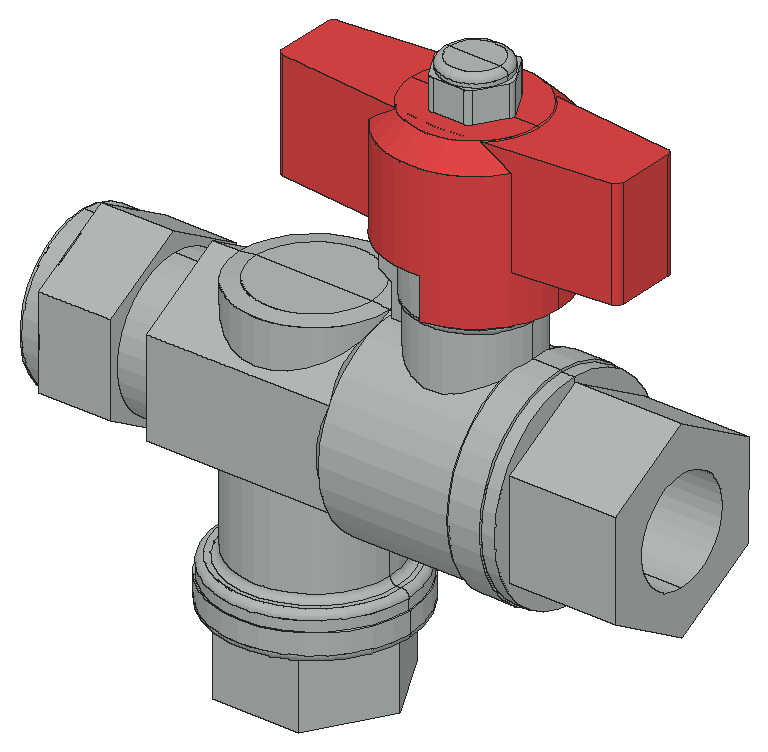
Revit family "QD36950000", category Apparecchi idraulici, Revit 2020
Family settings
  Quota connettore circolare = Usa diametro
  Tipo di parte = Normale
  Numero OmniClass = 23.45.00.00
  Titolo OmniClass = Sanitary, Laundry, and Cleaning Equipment
  Basato su piano di lavoro = No
  Sempre verticale = Sì
  Taglio con vuoti quando caricato = No
  Condiviso = No
  Punto di calcolo locali = No
Parameters
  URL = "https://web.cimberio.it/index.php/figura/1096?subcategoria_id=89"
  Temperatura di esercizio = "-20 ÷ 120°C"
  Prospetto di default = 0 mm
  Produttore = "CIMBERIO SPA"
  Pressione nominale = "PN 16"
  Modello = "Cim 629"
  Materiale = "Prodotto in lega di ottone conforme alla norma EN 12165-CW617N-DW"
  Descrizione = "Utilizzato nei più svariati settori dell'impiantistica: impianti di riscaldamento, condizionamento, idrici, igienico-sanitari, aria compressa, reti di distribuzione oli, benzine, vapore saturo e in generale con ogni fluido non corrosivo"
  DN Model [instance] = QD36953110 : QD36953110
  DN [instance] = 15 mm
  Commenti sul tipo = "Realizzato in ottemperanza ai requisiti gestionali della norma EN ISO 9001.\r\nCollaudato al 100% secondo la normativa EN 12266-1"
Reference planes
  plane 1 "Centro (Fronte/Retro)": y = 0
  plane 2: z = 0
  plane 3 "Centro (Sinistra/Destra)": x = 0
Dimensions and locks
  aligned and locked: level to plane 2
Nested families
  nested 1: "QD36953110" at (0, 0, 0), type <- "DN Model", type "QD36953110"
  nested 2: "QD36953110" at (0, 0, 0), type <- "DN Model", type "QD36953110"
  nested 3: "QD36953110" at (0, 0, 0), type <- "DN Model", type "QD36953110"
  nested 4: "QD36953110" at (0, 0, 0), type <- "DN Model", type "QD36953110"
  nested 5: "QD36953110" at (0, 0, 0), type <- "DN Model", type "QD36953110"
  nested 6: "QD36953110" at (0, 0, 0), type <- "DN Model", type "QD36953110"
  nested 7: "QD36953110" at (0, 0, 0), type <- "DN Model", type "QD36953110"
  nested 8: "QD36953110" at (0, 0, 0), type <- "DN Model", type "QD36953110"
  nested 9: "QD36953110" at (0, 0, 0), type <- "DN Model", type "QD36953110"
  nested 10: "QD36953110" at (0, 0, 0), type <- "DN Model", type "QD36953110"
  nested 11: "QD36953110" at (0, 0, 0), type <- "DN Model", type "QD36953110"
  nested 12: "QD36953110" at (0, 0, 0), type <- "DN Model", type "QD36953110"
  nested 13: "QD36953110" at (0, 0, 0), type <- "DN Model", type "QD36953110"
  nested 14: "QD36953110" at (0, 0, 0), type <- "DN Model", type "QD36953110"
  nested 15: "QD36953110" at (0, 0, 0), type <- "DN Model", type "QD36953110"
Connectors
  piping at (30.311, 0, 0), diameter 15, driven by "DN"
    settings: on nested 1, index 1, connector inside diameter 609.6 mm, connector length 0 mm, flow factor 0, pipe flow 0.0 L/s, pressure drop 0.0 Pa, fitting loss kfactor 0, connector angle 0.00°, fixture units 0, engagement length 0 mm, angle of deflection 0.00°, flow configuration 0, flow direction 0, fitting loss method 0, system type 7, joint type 0, gender type 0, connector reference index -1, connector utility 0, adjustable connector no, is connector primary yes, connector description ""
  piping at (-57.744, 0, 0), diameter 15, driven by "DN"
    settings: on nested 1, index 2, connector inside diameter 609.6 mm, connector length 0 mm, flow factor 0, pipe flow 0.0 L/s, pressure drop 0.0 Pa, fitting loss kfactor 0, connector angle 0.00°, fixture units 0, engagement length 0 mm, angle of deflection 0.00°, flow configuration 0, flow direction 0, fitting loss method 0, system type 7, joint type 0, gender type 0, connector reference index -1, connector utility 0, adjustable connector no, is connector primary no, connector description ""
Definition of nested family "QD36953110"
  Parameters (values of type "QD36953110")
    Default Elevation = 0 mm
  Reference planes
    plane 1 "Centro (Fronte/Retro)": y = 0
    plane 2: z = 0
    plane 3 "Centro (Sinistra/Destra)": x = 0
  Forms (mm)
    Extrusion 1, solid
      sketch origin (0, 0, 0) x (0, 0, -1) y (0, 1, 0)
        loop
          circle (0, 0) r 7.5
        loop
          line (-14, 0) -> (-7, -12.124) -> (7, -12.124) -> (14, 0) -> (7, 12.124) -> (-7, 12.124) -> (-14, 0)
      from -38.518 to -11
    Extrusion 2, solid
      sketch origin (0, 0, 0) x (0, 0, 1) y (0, -1, 0)
        loop
          circle (0, 0) r 7.5
        loop
          line (14.05, 0) -> (7.025, 12.168) -> (-7.025, 12.168) -> (-14.05, 0) -> (-7.025, -12.168) -> (7.025, -12.168) -> (14.05, 0)
      from 14.6 to 30.311
    Revolve 3, solid
      sketch origin (0, 0, 2.5) x (1, 0, 0) y (0, 0, 1)
        loop
          line (0, 43.3) -> (-9.25, 43.3) -> (-12.25, 40.3) -> (-12.25, 20.3) -> (-7.802, 20.3) -> (-7.802, 39.889) -> (0, 39.889) -> (0, 43.3)
        axis (0, 43.3) -> (0, 20.3)
      angle from 0 to 360
    Extrusion 4, void
      sketch origin (0, 0, 0) x (1, 0, 0) y (0, 1, 0)
        loop
          arc (-12.226, -0.772) -> (-7.782, -9.46) -> (1.6, -12.145) r 12.25
          line (1.6, -12.145) -> (1.6, -7.898)
          arc (1.6, -7.898) -> (-2.859, -5.409) -> (-4.999, -0.772) r 8.25
          line (-4.999, -0.772) -> (-12.226, -0.772)
      from 21.96 to 28.8
    Extrusion 5, solid
      sketch origin (-0.001, 0, 0) x (1, -0.000098, 0) y (0.000098, 1, 0)
        loop
          arc (-2.307, 5) -> (-2.809, 4.865) -> (-3.177, 4.498) r 1.004
          line (-3.177, 4.498) -> (-5.487, 0.496)
          arc (-5.487, 0.496) -> (-5.62, 0) -> (-5.487, -0.496) r 0.992
          line (-5.487, -0.496) -> (-3.188, -4.478)
          arc (-3.188, -4.478) -> (-2.806, -4.86) -> (-2.284, -5) r 1.043
          line (-2.284, -5) -> (2.288, -5)
          arc (2.288, -5) -> (2.806, -4.861) -> (3.186, -4.481) r 1.038
          line (3.186, -4.481) -> (5.496, -0.481)
          arc (5.496, -0.481) -> (5.625, 0) -> (5.496, 0.481) r 0.963
          line (5.496, 0.481) -> (3.176, 4.499)
          arc (3.176, 4.499) -> (2.809, 4.866) -> (2.309, 5) r 1.001
          line (2.309, 5) -> (-2.307, 5)
      from 45.8 to 50.3
    Revolve 6, solid
      sketch origin (0, 0, 0) x (1, 0, 0) y (0, 0, 1)
        loop
          line (0, 51.8) -> (0, 49.926) -> (4.75, 49.926) -> (4.75, 50.8)
          arc (4.75, 50.8) -> (4.457, 51.507) -> (3.75, 51.8) r 1
          line (3.75, 51.8) -> (0, 51.8)
        axis (0, 51.8) -> (0, 49.926)
      angle from 0 to 360
    Revolve 7, solid
      sketch origin (0, 0, 0) x (1, 0, 0) y (0, 0, 1)
        loop
          line (0.067, 27.3) -> (-9, 27.3) -> (-8.874, 20.742)
          arc (-8.874, 20.742) -> (-8.731, 20.295) -> (-8.367, 20) r 0.819
          line (-8.367, 20) -> (-8.367, 7.3) -> (0.067, 7.3) -> (0.067, 27.3)
        axis (0.067, 7.3) -> (0.067, 27.3)
      angle from 0 to 360
    Revolve 8, solid
      sketch origin (0, 0, 0) x (1, 0, 0) y (0, 0, 1)
        loop
          line (12.6, -7.5) -> (-13.15, -7.5) -> (-13.15, -12.65) -> (-11.5, -14.3) -> (7.5, -14.3)
          arc (7.5, -14.3) -> (7.635, -14.732) -> (8, -15) r 0.726
          line (8, -15) -> (12.6, -15) -> (12.6, -7.5)
        axis (12.6, 0) -> (-13.15, 0)
      angle from 0 to 360
    Revolve 9, solid
      sketch origin (0, 0, 0) x (1, 0, 0) y (0, 0, 1)
        loop
          line (12.6, 14.75) -> (12.6, 7.5) -> (14.6, 7.5) -> (14.6, 14.75) -> (12.6, 14.75)
        axis (12.6, 0) -> (14.6, 0)
      angle from 0 to 360
    Extrusion 10, solid
      sketch origin (0, 0, 0) x (1, 0, 0) y (0, 0, 1)
        loop
          line (-13, 26.3) -> (-13, 20) -> (-11, 18.845) -> (-11, 12.307) -> (-7.367, 12.307) -> (-7.367, 26.3) -> (-13, 26.3)
      from 0 to 1.5
    Extrusion 11, solid
      sketch origin (0, 0, 0) x (1, 0, 0) y (0, 1, 0)
        loop
          line (-25, 4.095) -> (-25, -4.095)
          arc (-25, -4.095) -> (-24.741, -4.766) -> (-24.099, -5.09) r 1
          line (-24.099, -5.09) -> (0, -7.495) -> (24.099, -5.09)
          arc (24.099, -5.09) -> (24.741, -4.766) -> (25, -4.095) r 1
          line (25, -4.095) -> (25, 4.095)
          arc (25, 4.095) -> (24.741, 4.766) -> (24.099, 5.09) r 1
          line (24.099, 5.09) -> (0, 7.495) -> (-24.099, 5.09)
          arc (-24.099, 5.09) -> (-24.741, 4.766) -> (-25, 4.095) r 1
      from 29.84 to 45.713
    Revolve 12, solid
      sketch origin (0, 0, 0) x (1, 0, 0) y (0, 0, 1)
        loop
          line (-37.5, -24.428) -> (-37.5, -27.428)
          arc (-37.5, -27.428) -> (-37.207, -28.135) -> (-36.5, -28.428) r 1
          line (-36.5, -28.428) -> (-31, -28.428) -> (-31, -24.428) -> (-37.5, -24.428)
        axis (-23.5, -28.428) -> (-23.5, -24.428)
      angle from 0 to 360
    Revolve 13, solid
      sketch origin (0, 0, 0) x (1, 0, 0) y (0, 0, 1)
        loop
          line (-31, -21.928) -> (-36.25, -21.928)
          arc (-36.25, -21.928) -> (-36.957, -22.221) -> (-37.25, -22.928) r 1
          line (-37.25, -22.928) -> (-37.25, -24.428) -> (-31, -24.428) -> (-31, -21.928)
        axis (-23.5, -24.428) -> (-23.5, -21.928)
      angle from 0 to 360
    Revolve 14, solid
      sketch origin (0, 0, 0) x (1, 0, 0) y (0, 0, 1)
        loop
          line (-31, -21.928) -> (-31, 11.872) -> (-23.5, 11.872) -> (-23.5, 14.372) -> (-32, 14.372)
          arc (-32, 14.372) -> (-33.259, 14.247) -> (-34.5, 14) r 13.001
          line (-34.5, 14) -> (-34.5, -20.928)
          arc (-34.5, -20.928) -> (-34.793, -21.635) -> (-35.5, -21.928) r 1
          line (-35.5, -21.928) -> (-31, -21.928)
        axis (-23.5, -21.928) -> (-23.5, 14.372)
      angle from 0 to 360
    Extrusion 15, solid
      sketch origin (-23.5, 0, -24.428) x (0, 1, 0) y (1, 0, 0)
        loop
          circle (0, 0) r 7.5
        loop
          line (0, 12.5) -> (-10.825, 6.25) -> (-10.825, -6.25) -> (0, -12.5) -> (10.825, -6.25) -> (10.825, 6.25) -> (0, 12.5)
      from 3 to 14
    Extrusion 16, solid
      sketch origin (-69.344, 0, 0) x (0, 0, 1) y (0, -1, 0)
        loop
          circle (0, 0) r 7.5
        loop
          line (13.25, 0) -> (6.625, 11.475) -> (-6.625, 11.475) -> (-13.25, 0) -> (-6.625, -11.475) -> (6.625, -11.475) -> (13.25, 0)
      from 14.6 to 25.1
    Revolve 17, solid
      sketch origin (0, 0, 0) x (1, 0, 0) y (0, 0, 1)
        loop
          line (-54.744, 11.572) -> (-57.244, 11.572)
          arc (-57.244, 11.572) -> (-57.68, 11.345) -> (-57.744, 10.858) r 0.532
          line (-57.744, 10.858) -> (-57.744, 7.5) -> (-54.744, 7.5) -> (-54.744, 11.572)
        axis (-57.744, 0) -> (-54.744, 0)
      angle from 0 to 360
    Revolve 18, solid
      sketch origin (0, 0, 0) x (1, 0, 0) y (0, 0, 1)
        loop
          line (-44.244, 10.447) -> (-44.244, 7.5) -> (-38.518, 7.5) -> (-38.518, 10.447) -> (-44.244, 10.447)
        axis (-44.244, 0) -> (-38.518, 0)
      angle from 0 to 360
  Cuts and joins
    Extrusion 4 cuts Revolve 3
    joined: Revolve 7, Revolve 8
    joined: Extrusion 1, Revolve 14
  Dimensions and locks
    aligned and locked: level to plane 2
